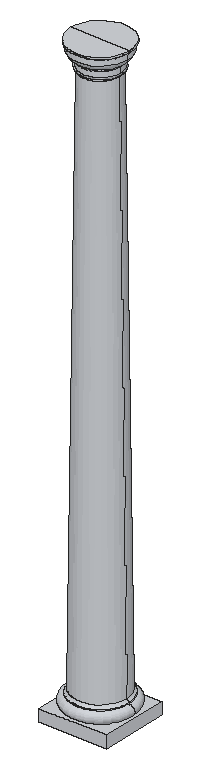
Revit family "GEN_A3-Tuscan-Column-1163", category Generic Models, Revit 2015
Parameters (values of type "8" Tuscan Column")
  column top radius [instance] = 0' - 3 27/128"
  column height [instance] = 8' - 0"
  column bottom radius [instance] = 0' - 4 1/8"
  H-top radius [instance] = 0' - 4 11/16"
  H-bottom radius [instance] = 0' - 4 23/64"
  H-height [instance] = 0' - 1 3/8"
  G-top radius [instance] = 0' - 3 19/128"
  G-bottom radius [instance] = 0' - 4 33/128"
  F-top radius [instance] = 0' - 3 45/128"
  F-height [instance] = 0' - 1 1/4"
  F-bottom radius [instance] = 0' - 3 27/128"
  E-top radius [instance] = 0' - 3 27/128"
  E-radius [instance] = 0' - 3 27/128"
  E-height [instance] = 0' - 0 1/2"
  E-bottom radius [instance] = 0' - 3 1/64"
  C-diameter [instance] = 0' - 4 1/2"
  C-height [instance] = 0' - 1 3/4"
  D-bottom radius [instance] = 0' - 4 1/2"
  D-top radius [instance] = 0' - 4 1/8"
  D-height [instance] = 0' - 0 5/8"
  A-width [instance] = 0' - 10 3/4"
  A-length [instance] = 0' - 10 3/4"
  B-height [instance] = 0' - 1 7/8"
  G-height [instance] = 0' - 1"
Types (7): name | column top radius | column bottom radius | H-top radius | H-bottom radius | H-height | G-top radius | G-bottom radius | F-top radius | F-height | F-bottom radius | E-top radius | E-radius | E-height | E-bottom radius | C-diameter | C-height | D-bottom radius | D-top radius | D-height | A-width | A-length | B-height | G-height
  (no name) | 0' - 3 27/128" | 0' - 4 1/8" | 0' - 4 11/16" | 0' - 4 23/64" | 0' - 1 3/8" | 0' - 3 19/128" | 0' - 4 33/128" | 0' - 3 45/128" | 0' - 1 1/4" | 0' - 3 27/128" | 0' - 3 27/128" | 0' - 3 27/128" | 0' - 0 1/2" | 0' - 3 1/64" | 0' - 4 1/2" | 0' - 1 3/4" | 0' - 4 1/2" | 0' - 4 1/8" | 0' - 0 5/8" | 0' - 10 3/4" | 0' - 10 3/4" | 0' - 1 7/8" | 0' - 1"
  8" Tuscan Column | 0' - 3 27/128" | 0' - 4 1/8" | 0' - 4 11/16" | 0' - 4 23/64" | 0' - 1 3/8" | 0' - 3 19/128" | 0' - 4 33/128" | 0' - 3 45/128" | 0' - 1 1/4" | 0' - 3 27/128" | 0' - 3 27/128" | 0' - 3 27/128" | 0' - 0 1/2" | 0' - 3 1/64" | 0' - 4 1/2" | 0' - 1 3/4" | 0' - 4 1/2" | 0' - 4 1/8" | 0' - 0 5/8" | 0' - 10 3/4" | 0' - 10 3/4" | 0' - 1 7/8" | 0' - 1"
  10" Tuscan Column | 0' - 4 27/128" | 0' - 5 1/8" | 0' - 5 11/16" | 0' - 5 23/64" | 0' - 1 3/4" | 0' - 4 19/128" | 0' - 5 33/128" | 0' - 4 45/128" | 0' - 1 7/8" | 0' - 4 27/128" | 0' - 4 27/128" | 0' - 4 27/128" | 0' - 0 3/4" | 0' - 4 1/64" | 0' - 5 1/2" | 0' - 2 1/8" | 0' - 5 1/2" | 0' - 5 1/8" | 0' - 0 3/4" | 1' - 1 3/8" | 1' - 1 3/8" | 0' - 2 3/8" | 0' - 1 1/4"
  12" Tuscan Column | 0' - 5 27/128" | 0' - 6 1/8" | 0' - 6 11/16" | 0' - 6 23/64" | 0' - 2" | 0' - 5 19/128" | 0' - 6 33/128" | 0' - 5 45/128" | 0' - 1 7/8" | 0' - 5 27/128" | 0' - 5 27/128" | 0' - 5 27/128" | 0' - 0 3/4" | 0' - 5 1/64" | 0' - 6 1/2" | 0' - 2 3/8" | 0' - 6 1/2" | 0' - 6 1/8" | 0' - 0 7/8" | 1' - 4 1/8" | 1' - 4 1/8" | 0' - 2 3/4" | 0' - 1 3/8"
  14" Tuscan Column | 0' - 6 27/128" | 0' - 7 1/8" | 0' - 7 11/16" | 0' - 7 23/64" | 0' - 2" | 0' - 6 19/128" | 0' - 7 33/128" | 0' - 6 45/128" | 0' - 3" | 0' - 6 27/128" | 0' - 6 27/128" | 0' - 6 27/128" | 0' - 1" | 0' - 6 1/64" | 0' - 7 1/2" | 0' - 3" | 0' - 7 1/2" | 0' - 7 1/8" | 0' - 1" | 1' - 6 3/4" | 1' - 6 3/4" | 0' - 3 3/8" | 0' - 1 5/8"
  16" Tuscan Column | 0' - 7 27/128" | 0' - 8 1/8" | 0' - 8 11/16" | 0' - 8 23/64" | 0' - 2 3/4" | 0' - 7 19/128" | 0' - 8 33/128" | 0' - 7 45/128" | 0' - 3" | 0' - 7 27/128" | 0' - 7 27/128" | 0' - 7 27/128" | 0' - 1" | 0' - 7 1/64" | 0' - 8 1/2" | 0' - 3 3/8" | 0' - 8 1/2" | 0' - 8 1/8" | 0' - 1 1/8" | 1' - 9 1/2" | 1' - 9 1/2" | 0' - 3 7/8" | 0' - 1 7/8"
  18" Tuscan Column | 0' - 8 27/128" | 0' - 9 1/8" | 0' - 9 11/16" | 0' - 9 23/64" | 0' - 3" | 0' - 8 19/128" | 0' - 9 33/128" | 0' - 8 45/128" | 0' - 3" | 0' - 8 27/128" | 0' - 8 27/128" | 0' - 8 27/128" | 0' - 1" | 0' - 8 1/64" | 0' - 9 1/2" | 0' - 3 7/8" | 0' - 9 1/2" | 0' - 9 1/8" | 0' - 1 1/2" | 2' - 0 1/4" | 2' - 0 1/4" | 0' - 4 1/4" | 0' - 2 1/8"
Reference planes (in)
  plane 1 "Center (Front/Back)": y = 0
  plane 2: z = 0
  plane 3 "Center (Left/Right)": x = 0
  plane 4: x = 0
  plane 5: y = 0
  plane 6: x = -5.375
  plane 7: x = 5.375
  plane 8: y = 5.375
  plane 9: y = -5.375
  plane 10 "base height": z = 1.875
  plane 11 "top of column": z = 96
  plane 12: z = 3.625
  plane 13: x = 0
  plane 14: x = -4.5
  plane 15: z = 4.25
  plane 16: x = 0
  plane 17: x = -4.5
  plane 18: x = -4.125
  plane 19: z = 94.625
  plane 20: z = 93.625
  plane 21: x = -4.6875
  plane 22: x = -4.35938
  plane 23: z = 92.375
  plane 24: x = -3.35156
  plane 25: x = 0
  plane 26: x = -3.21094
  plane 27: x = -3.21094
  plane 28: z = 91.875
  plane 29: x = -3.21094
  plane 30: x = -4.125
  plane 31: z = 91.76987
  plane 32: x = 0
  plane 33: x = -3.21094
  plane 34: x = -3.01562
  plane 35: x = -3.14844
  plane 36: x = -4.25781
Forms (in)
  Extrusion 1, solid
    sketch origin (0, 0, 0) x (1, 0, 0) y (0, 1, 0)
      loop
        line (-5.375, 5.375) -> (-5.375, -5.375) -> (5.375, -5.375) -> (5.375, 5.375) -> (-5.375, 5.375)
    from 0 to 1.875 <- "B-height"
  Revolve 2, solid
    sketch origin (0, 0, 0) x (1, 0, 0) y (0, 0, 1)
      loop
        line (-4.5, 1.875) -> (0, 1.875) -> (0, 3.625) -> (-4.5, 3.625)
        arc (-4.5, 3.625) -> (-5.375, 2.75) -> (-4.5, 1.875) r 0.875
      axis (0, 1.875) -> (0, 3.625)
    angle from 0 to 360
  Revolve 3, solid
    sketch origin (0, 0, 0) x (1, 0, 0) y (0, 0, 1)
      loop
        arc (-4.125, 4.25) -> (-4.27061, 3.96859) -> (-4.5, 3.75) r 0.95877
        line (-4.5, 3.75) -> (-4.5, 3.625) -> (0, 3.625) -> (0, 4.25) -> (-4.125, 4.25)
      axis (0, 4.25) -> (0, 3.625)
    angle from 0 to 360
  Revolve 4, solid
    sketch origin (0, 0, 0) x (1, 0, 0) y (0, 0, 1)
      loop
        line (-4.35938, 94.625) -> (0, 94.625) -> (0, 96) -> (-4.6875, 96) -> (-4.6875, 95.75)
        arc (-4.6875, 95.75) -> (-4.46153, 95.70626) -> (-4.35938, 95.5) r 0.2593
        line (-4.35938, 95.5) -> (-4.35938, 94.625)
      axis (0, 94.625) -> (0, 96)
    angle from 0 to 360
  Revolve 5, solid
    sketch origin (0, 0, 0) x (1, 0, 0) y (0, 0, 1)
      loop
        line (-3.21094, 92.375) -> (0, 92.375) -> (0, 93.625) -> (-3.35156, 93.625) -> (-3.35156, 93.38287)
        arc (-3.35156, 93.38287) -> (-3.2525, 93.34549) -> (-3.21094, 93.2481) r 0.13489
        line (-3.21094, 93.2481) -> (-3.21094, 92.375)
      axis (0, 92.375) -> (0, 93.625)
    angle from 0 to 360
  Revolve 6, solid
    sketch origin (0, 0, 0) x (1, 0, 0) y (0, 0, 1)
      loop
        line (0, 92.375) -> (-3.21094, 92.375)
        arc (-3.21094, 92.375) -> (-3.33904, 92.2469) -> (-3.21094, 92.1188) r 0.1281
        line (-3.21094, 92.1188) -> (-3.21094, 91.875) -> (0, 91.875) -> (0, 92.375)
      axis (0, 91.875) -> (0, 92.375)
    angle from 0 to 360
  Revolve 7, solid
    sketch origin (0, 0, 0) x (1, 0, 0) y (0, 0, 1)
      loop
        line (-4.125, 4.25) -> (0, 4.25) -> (0, 91.76987) -> (-3.01609, 91.76987) -> (-4.125, 4.25)
      axis (0, 4.25) -> (0, 91.76987)
    angle from 0 to 360
  Revolve 8, solid
    sketch origin (0, 0, 0) x (1, 0, 0) y (0, 0, 1)
      loop
        arc (-3.21094, 91.875) -> (-3.10353, 91.84054) -> (-3.01563, 91.76987) r 0.30934
        line (-3.01563, 91.76987) -> (0, 91.76987) -> (0, 91.875) -> (-3.21094, 91.875)
      axis (0, 91.875) -> (0, 91.76987)
    angle from 0 to 360
  Revolve 9, solid
    sketch origin (0, 0, 0) x (1, 0, 0) y (0, 0, 1)
      loop
        line (0, 94.625) -> (-4.25781, 94.625)
        arc (-4.25781, 94.625) -> (-3.89522, 93.9119) -> (-3.14844, 93.625) r 1.11536
        line (-3.14844, 93.625) -> (0, 93.625) -> (0, 94.625)
      axis (0, 94.625) -> (0, 93.625)
    angle from 0 to 360
Dimensions and locks (in)
  equal spacing: plane 6, plane 4, plane 7
  equal spacing: plane 9, plane 5, plane 8
  "A-width": plane 6 to plane 7
  "A-length": plane 9 to plane 8
  "B-height": plane 10 "base height" to level
  "column height": plane 11 "top of column" to level
  "C-height": plane 12 to plane 10 "base height"
  "C-diameter": plane 3 "Center (Left/Right)" to plane 14
  "D-height": plane 15 to plane 12
  "D-bottom radius": plane 16 to plane 17
  "D-top radius": plane 16 to plane 18
  "H-height": plane 11 "top of column" to plane 19
  "G-height": plane 19 to plane 20
  "F-top radius": plane 25 to plane 24
  "F-bottom radius": plane 25 to plane 26
  "F-height": plane 20 to plane 23
  "E-height": plane 23 to plane 28
  "E-bottom radius": plane 32 to plane 34
  "E-top radius": plane 32 to plane 33
  plane 28 to plane 31 = 0' - 0.10513"
  "G-top radius": plane 3 "Center (Left/Right)" to plane 35
  "G-bottom radius": plane 36 to plane 3 "Center (Left/Right)"
  "E-radius": plane 3 "Center (Left/Right)" to plane 27
  "column top radius": plane 3 "Center (Left/Right)" to plane 29
  "column bottom radius": plane 3 "Center (Left/Right)" to plane 30
  "H-top radius": plane 3 "Center (Left/Right)" to plane 21
  "H-bottom radius": plane 3 "Center (Left/Right)" to plane 22
  aligned and locked: plane 3 "Center (Left/Right)" to plane 25
Automatic sketch dimensions
  Extrusion 1 sketch curve to plane 6 = 0' - 0"
  Extrusion 1 sketch curve to plane 7 = 0' - 0"
  Extrusion 1 sketch curve to plane 9 = 0' - 0"
  Extrusion 1 sketch curve to plane 8 = 0' - 0"
  Revolve 2 sketch curve to plane 10 "base height" = 0' - 0"
  Revolve 2 sketch curve to plane 12 = 0' - 0"
  Revolve 2 sketch curve to plane 3 "Center (Left/Right)" = 0' - 0"  (x2)
  Revolve 2 sketch curve to Revolve 2 sketch curve = 0' - 0.47059"
  Revolve 2 sketch curve to Revolve 2 sketch curve = 0' - 2.20806"
  Revolve 2 sketch curve to plane 14 = 0' - 0"
  Revolve 3 sketch curve to plane 17 = 0' - 0"
  Revolve 3 sketch curve to plane 15 = 0' - 0"
  Revolve 3 sketch curve to plane 18 = 0' - 0"
  Revolve 3 sketch curve to plane 3 "Center (Left/Right)" = 0' - 0"  (x2)
  Revolve 3 sketch curve to plane 12 = 0' - 0"
  Revolve 3 sketch curve to plane 15 = 0' - 0.29385"
  Revolve 3 sketch curve to Revolve 3 sketch curve = 0' - 0.53763"
  Revolve 3 sketch curve to plane 15 = 0' - 3 3/4"
  Revolve 3 sketch curve to Revolve 3 sketch curve = 0' - 4"
  Revolve 4 sketch curve to plane 21 = 0' - 0"
  Revolve 4 sketch curve to plane 19 = 0' - 0"
  Revolve 4 sketch curve to plane 22 = 0' - 0"
  Revolve 4 sketch curve to plane 3 "Center (Left/Right)" = 0' - 0"  (x2)
  Revolve 4 sketch curve to plane 11 "top of column" = 0' - 0"
  plane 21 to Revolve 4 sketch curve = 0' - 0.06882"
  plane 11 "top of column" to Revolve 4 sketch curve = 0' - 0 1/2"
  Revolve 4 sketch curve to Revolve 4 sketch curve = 0' - 4 1/2"
  Revolve 4 sketch curve to Revolve 4 sketch curve = 0' - 6"
  Revolve 5 sketch curve to plane 24 = 0' - 0"
  Revolve 5 sketch curve to plane 23 = 0' - 0"
  Revolve 5 sketch curve to plane 26 = 0' - 0"
  Revolve 5 sketch curve to plane 3 "Center (Left/Right)" = 0' - 0"  (x2)
  Revolve 5 sketch curve to plane 20 = 0' - 0"
  plane 24 to Revolve 5 sketch curve = 0' - 0.00573"
  plane 20 to Revolve 5 sketch curve = 0' - 0.3769"
  Revolve 5 sketch curve to plane 11 "top of column" = 0' - 0.60839"
  Revolve 5 sketch curve to Revolve 5 sketch curve = 0' - 1.06059"
  Revolve 6 sketch curve to plane 27 = 0' - 0"
  Revolve 6 sketch curve to plane 3 "Center (Left/Right)" = 0' - 0"  (x2)
  Revolve 6 sketch curve to plane 28 = 0' - 0"
  Revolve 6 sketch curve to plane 23 = 0' - 0"
  Revolve 6 sketch curve to plane 28 = 0' - 0.2438"
  Revolve 6 sketch curve to Revolve 6 sketch curve = 0' - 0.50621"
  Revolve 6 sketch curve to plane 20 = 0' - 0.37025"
  Revolve 7 sketch curve to plane 15 = 0' - 0"
  Revolve 7 sketch curve to plane 30 = 0' - 0"
  Revolve 7 sketch curve to plane 3 "Center (Left/Right)" = 0' - 0"  (x2)
  plane 28 to Revolve 7 sketch curve = 0' - 0.10513"
  plane 29 to Revolve 7 sketch curve = 0' - 0.19485"
  Revolve 7 sketch curve to plane 11 "top of column" = 0' - 4"
  Revolve 7 sketch curve to Revolve 7 sketch curve = 0' - 11"
  Revolve 8 sketch curve to plane 33 = 0' - 0"
  Revolve 8 sketch curve to plane 28 = 0' - 0"
  Revolve 8 sketch curve to plane 31 = 0' - 0"
  Revolve 8 sketch curve to plane 34 = 0' - 0"
  Revolve 8 sketch curve to plane 3 "Center (Left/Right)" = 0' - 0"  (x2)
  plane 28 to Revolve 8 sketch curve = 0' - 0.30684"
  Revolve 8 sketch curve to plane 20 = 0' - 0.23387"
  plane 19 to Revolve 8 sketch curve = 0' - 0.11902"
  Revolve 9 sketch curve to plane 36 = 0' - 0"
  Revolve 9 sketch curve to plane 19 = 0' - 0"
  Revolve 9 sketch curve to plane 20 = 0' - 0"
  Revolve 9 sketch curve to plane 35 = 0' - 0"
  Revolve 9 sketch curve to plane 3 "Center (Left/Right)" = 0' - 0"  (x2)
  Revolve 9 sketch curve to plane 11 "top of column" = 0' - 2 1/2"
  Revolve 9 sketch curve to Revolve 9 sketch curve = 0' - 2 1/2"
